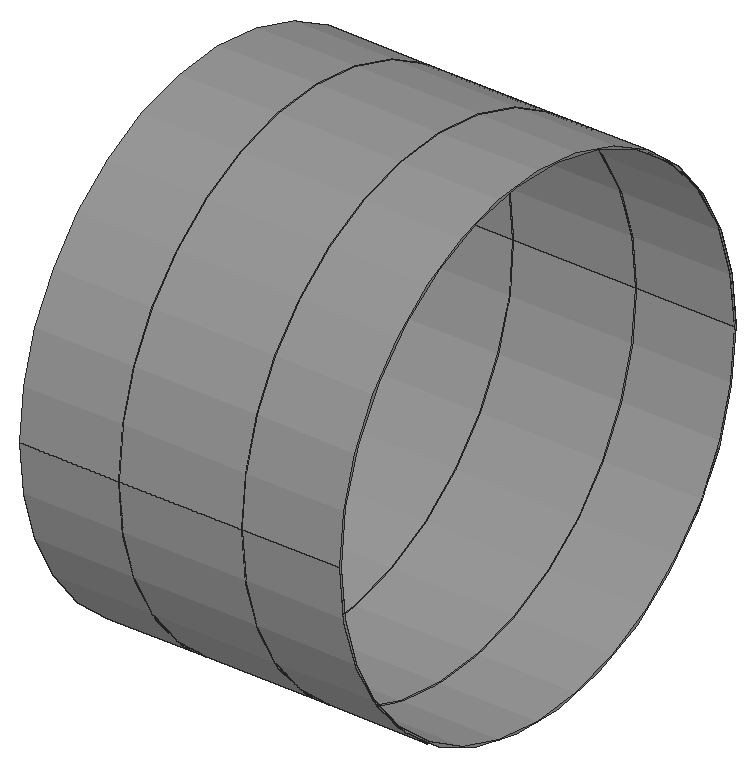
Revit family "ВВГ_Eng", category Duct Accessories, Revit 2021
Family settings
  Round Connector Dimension = Use Diameter
  Part Type = Attaches To
  Work Plane-Based = No
  Always vertical = Yes
  Cut with Voids When Loaded = No
  Shared = No
Parameters (values of type "VVG 200")
  Weight = 0.28 kg
  Load Classification = "HVAC"  # constant formula
  Length = L  # 130 mm
  L = 130 mm
  Dy = 200 mm
  Diameter = Dn  # 201 mm
  Default Elevation = 0 mm
  Manufacturer = "Vents"  # constant formula
  URL = "https://ventilation-system.com/series/vvg-round"
  Maintenance zone material = none
  Casing Material = Steel, galvanized
  Dn = Dy + 1 mm  # 201 mm
  09_System_Name [instance] = ""
  00_20_Type = "VVG 200"
  00_20_Name = "Flexible anti-vibration connector"  # constant formula
  00_20_Manufacturer = "Vents"  # constant formula
Types (17, lengths in mm): name | Weight | Dy | Diameter | Dn | 00_20_Type
  (no name) | 0.28 kg | 200 | 201 | 201 | "VVG 200"
  VVG 100 | 0.14 kg | 100 | 101 | 101 | "VVG 100"
  VVG 500 | 0.71 kg | 500 | 501 | 501 | "VVG 500"
  VVG 140 | 0.21 kg | 140 | 141 | 141 | "VVG 140"
  VVG 150 | 0.21 kg | 150 | 151 | 151 | "VVG 150"
  VVG 160 | 0.22 kg | 160 | 161 | 161 | "VVG 160"
  VVG 180 | 0.26 kg | 180 | 181 | 181 | "VVG 180"
  VVG 200 | 0.28 kg | 200 | 201 | 201 | "VVG 200"
  VVG 225 | 0.31 kg | 225 | 226 | 226 | "VVG 225"
  VVG 240 | 0.34 kg | 240 | 241 | 241 | "VVG 240"
  VVG 250 | 0.35 kg | 250 | 251 | 251 | "VVG 250"
  VVG 280 | 0.38 kg | 280 | 281 | 281 | "VVG 280"
  VVG 315 | 0.44 kg | 315 | 316 | 316 | "VVG 315"
  VVG 355 | 0.50 kg | 355 | 356 | 356 | "VVG 355"
  VVG 400 | 0.56 kg | 400 | 401 | 401 | "VVG 400"
  VVG 450 | 0.64 kg | 450 | 451 | 451 | "VVG 450"
  VVG 125 | 0.17 kg | 125 | 126 | 126 | "VVG 125"
Reference planes
  plane 1 "По центру (Вперед/Назад)": y = 0
  plane 2: z = 0
  plane 3 "По центру (Влево/Вправо)": x = 0
Forms (mm)
  Extrusion 1, solid, material "Steel, galvanized" <- "Casing Material"
    sketch origin (0, 0, 0) x (0, 1, 0) y (0, 0, 1)
      loop
        circle (0, 0) r 100.5
      loop
        circle (0, 0) r 100
    from 25 to 65
  Extrusion 2, solid, material "Ткань"
    sketch origin (0, 0, 0) x (0, 1, 0) y (0, 0, 1)
      loop
        circle (0, 0) r 100.5
      loop
        circle (0, 0) r 100
    from -25 to 25
  Extrusion 3, solid, material "Steel, galvanized" <- "Casing Material"
    sketch origin (0, 0, 0) x (0, 1, 0) y (0, 0, 1)
      loop
        circle (0, 0) r 100
      loop
        circle (0, 0) r 100.5
    from -65 to -25
Dimensions and locks
  "L": Extrusion 3 to Extrusion 1
  equal spacing: Extrusion 3, plane 3 "По центру (Влево/Вправо)", Extrusion 2
  equal spacing: Extrusion 3, plane 3 "По центру (Влево/Вправо)", Extrusion 1
  "Dy": diameter of Extrusion 1 sketch curve
  "Dn": diameter of Extrusion 1 sketch curve
  "Dn": diameter of Extrusion 2 sketch curve
  "Dy": diameter of Extrusion 2 sketch curve
  "Dn": diameter of Extrusion 3 sketch curve
  "Dy": diameter of Extrusion 3 sketch curve
  aligned and locked: level to plane 2
  aligned and locked: Extrusion 3 to Extrusion 2
Automatic sketch dimensions
  Extrusion 1 sketch curve to Extrusion 1 sketch curve = 0 mm  (x2)
  Extrusion 1 sketch curve to level = 0 mm
  Extrusion 1 sketch curve to plane 1 "По центру (Вперед/Назад)" = 0 mm
  Extrusion 2 sketch curve to Extrusion 2 sketch curve = 0 mm  (x2)
  Extrusion 2 sketch curve to level = 0 mm
  Extrusion 2 sketch curve to plane 1 "По центру (Вперед/Назад)" = 0 mm
  Extrusion 3 sketch curve to Extrusion 3 sketch curve = 0 mm  (x2)
  Extrusion 3 sketch curve to level = 0 mm
  Extrusion 3 sketch curve to plane 1 "По центру (Вперед/Назад)" = 0 mm
Connectors
  hvac at (-65, 0, 0), driven by "Dy"
    settings: on Extrusion 3, index 1, duct flow 0 m³/h, flow factor 0, pres drop 0.0 Pa, loss coef 0, conn angle 0.00°, conn width 304.8 mm, conn height 304.8 mm, conn diameter 200 mm, duct sys type 1, conn prof type 0, flow config 0, flow direction 0, loss method 0, conn ref index -1, conn util no, is conn primary yes, conn desc ""
  hvac at (65, 0, 0), driven by "Dy"
    settings: on Extrusion 1, index 2, duct flow 0 m³/h, flow factor 0, pres drop 0.0 Pa, loss coef 0, conn angle 0.00°, conn width 304.8 mm, conn height 304.8 mm, conn diameter 200 mm, duct sys type 1, conn prof type 0, flow config 0, flow direction 0, loss method 0, conn ref index -1, conn util no, is conn primary no, conn desc ""
